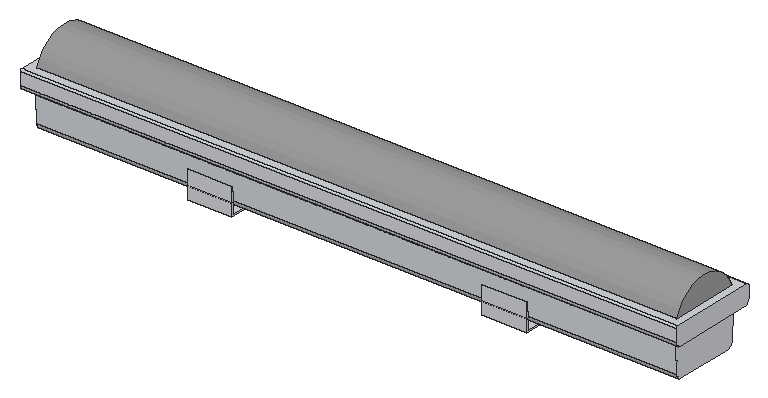
Revit family "0010202", category Lighting Fixtures, host Face, Revit 2017 (continued)
Types (60, lengths in mm): name | Weight | Wattage | TypeName | built-in parameter 1150134 | Photometric Web File | built-in parameter 1150142 | PowerFactor | PowerConsumption | NominalLength | Name | ModelReference | ModelNumber | Model | LuminousEfficacy | built-in parameter 1150105 | Lumens | LampNominalLuminous | LampMacAdamStep | LampColourTemperature | LENGHT_SYL | LENGHT_CHAMFER_SYL | LENGHT-_SYL | LENGHT-_CHAMFER_SYL | L0650_SYL | L1500_SYL | L1200_SYL | built-in parameter 1150107 | built-in parameter 1150106 | built-in parameter 1150104 | DocumentationLiterature | Description | BRACKET_WIDTH_SYL | BRACKET_DIST_SYL | Apparent Load
  0010268 RESISTO 1500 HE IP66 4000LM 840 | "1.87 kg" | 25 W | "Resisto  1500 HE IP66 4000lm 840" | 12 | "0010268.ies" | "IESNA:LM-63-2002\r\n[TEST] 0010268\r\n[TESTLAB]\r\n[MANUFAC] \r\n[LUMCAT]\r\n[LUMINAIRE] Resisto  1500 HE IP66 4000lm 8 40 /4000 \r\n[LAMP] 0010268 Resisto  1500 HE IP66 /4000\r\n[BALLAST] \r\n[ISSUEDATE]\r\n[OTHER] B-Angle = 0.00 B-Tilt = 0.00 2021-02-16\r\nTILT=NONE\r\n1 4000.00 1 37 5 1 2 0.087 1.500 0.040\r\n1.0 1.0 25.00\r\n   0.00   5.00  10.00  15.00  20.00  25.00  30.00  35.00  40.00  45.00\r\n  50.00  55.00  60.00  65.00  70.00  75.00  80.00  85.00  90.00  95.00\r\n 100.00 105.00 110.00 115.00 120.00 125.00 130.00 135.00 140.00 145.00\r\n 150.00 155.00 160.00 165.00 170.00 175.00 180.00\r\n   0.00  22.50  45.00  67.50  90.00\r\n    1286.32    1282.04    1267.08    1242.24    1204.20    1153.48    1089.96\r\n    1014.52     929.92     838.88     742.84     644.48     545.24     444.32\r\n     341.20     234.40     129.16      41.04       3.44       3.44       3.56\r\n       3.64       3.68       4.00       4.44       4.88       5.36       5.92\r\n       6.56       7.24       7.88       8.56       9.20       9.76      10.20\r\n      10.56      10.80\r\n    1286.32    1282.32    1258.96    1221.88    1180.52    1135.48    1084.04\r\n    1028.00     970.20     909.44     836.64     737.52     606.12     461.80\r\n     332.80     230.44     154.88      99.40      59.44      31.04      16.00\r\n       6.68       4.68       5.08       5.36       5.64       5.96       6.36\r\n       6.84       7.32       7.88       8.44       9.04       9.48       9.92\r\n      10.32      10.80\r\n    1286.32    1275.00    1239.36    1214.04    1191.84    1175.16    1166.84\r\n    1143.48    1092.48     985.60     822.80     647.44     502.76     392.92\r\n     309.80     246.88     196.16     151.64     115.40      87.72      60.76\r\n      37.96      22.28      12.12       7.48       7.32       7.24       7.24\r\n       7.24       7.52       7.96       8.44       8.92       9.36       9.80\r\n      10.16      10.80\r\n    1286.32    1269.16    1235.64    1223.44    1220.12    1235.36    1227.80\r\n    1181.72    1069.64     900.00     732.92     597.68     489.40     405.12\r\n     343.04     291.52     239.48     192.44     153.84     115.48      71.84\r\n      48.56      32.56      22.00      14.16       8.84       8.00       7.92\r\n       7.84       7.84       8.00       8.44       8.96       9.40       9.84\r\n      10.24      10.80\r\n    1286.32    1269.00    1235.96    1226.28    1235.68    1250.20    1239.32\r\n    1175.04    1040.44     867.00     712.80     589.00     489.24     414.92\r\n     359.04     308.00     254.04     204.76     161.72     113.20      70.92\r\n      50.04      36.08      26.60      18.72      12.48       9.84       9.60\r\n       9.48       9.36       9.40       9.68      10.16      10.56      10.84\r\n      10.96      10.80\r\n" | 0.95 | "25 W" | 1500 | "Resisto  1500 HE IP66 4000lm 840" | "Resisto  1500 HE IP66 4000lm 840" | "0010268" | "Resisto  1500 HE IP66 4000lm 840" | "160 lm/W" | 1286.3 (stored number, unit not read) | 4000 lm | "4000 lm" | "3" | "4000 K" | 742 | 750 | -742 | -750 | no | yes | no | 4000 (stored number, unit not read) | 12.863 (stored number, unit not read) | 14.864 (stored number, unit not read) | "http://www.sylvania-lighting.com/product/en-int/products/0010268" | "Resisto, integrated LED weatherproof luminaire, with UV stabilized flat diffuser designed to achieve uniform lit appearance, optimise light output and to reduce glare. 301 stainless steel diffuser clips and fixing brackets for surface mounting. Polycarbonate housing and diffuser - no yellow discolouration over time. 4000lm; 25W; 160lm/W; 4000K; SDCM<3; non dimmable; CRI80; IP66; IK08; Class I; 69,000hrs (L80B20) lifespan; 1500mm x 89mm x 88mm; D-mark." | 550 | 594 | 25 VA
  0010261 RESISTO 1500 IP66 DALI 8300LM 840 | "2.01 kg" | 61 W | "Resisto  1500 IP66 DALI 8300lm 840" | 12 | "0010261.ies" | "IESNA:LM-63-2002\r\n[TEST] 0010261\r\n[TESTLAB]\r\n[MANUFAC] \r\n[LUMCAT]\r\n[LUMINAIRE] Resisto  1500 IP66 DALI 8300lm  840 /4000 \r\n[LAMP] 0010261 Resisto  1500 IP66 DAL/4000\r\n[BALLAST] \r\n[ISSUEDATE]\r\n[OTHER] B-Angle = 0.00 B-Tilt = 0.00 2021-02-16\r\nTILT=NONE\r\n1 8300.00 1 37 5 1 2 0.087 1.500 0.040\r\n1.0 1.0 61.00\r\n   0.00   5.00  10.00  15.00  20.00  25.00  30.00  35.00  40.00  45.00\r\n  50.00  55.00  60.00  65.00  70.00  75.00  80.00  85.00  90.00  95.00\r\n 100.00 105.00 110.00 115.00 120.00 125.00 130.00 135.00 140.00 145.00\r\n 150.00 155.00 160.00 165.00 170.00 175.00 180.00\r\n   0.00  22.50  45.00  67.50  90.00\r\n    2794.11    2777.43    2737.84    2672.02    2584.70    2469.75    2325.99\r\n    2158.25    1971.91    1771.55    1562.47    1349.33    1134.94     915.49\r\n     690.23     457.99     236.05      63.83       7.39       7.72       8.05\r\n       8.30       8.47       9.21      10.04      11.12      12.20      13.45\r\n      14.86      16.27      17.76      19.26      20.50      21.66      22.66\r\n      23.41      23.74\r\n    2794.11    2766.39    2701.24    2614.58    2523.45    2425.18    2311.22\r\n    2185.47    2055.91    1917.63    1746.65    1516.74    1223.75     916.65\r\n     650.47     441.56     288.59     177.04      99.43      46.89      23.24\r\n       9.71      10.04      10.79      11.62      12.28      13.03      14.03\r\n      15.11      16.27      17.51      18.76      19.92      21.00      21.91\r\n      22.66      23.74\r\n    2794.11    2741.99    2662.31    2613.09    2558.06    2525.86    2501.79\r\n    2443.11    2306.74    2041.38    1666.39    1295.71    1000.73     780.03\r\n     613.29     486.38     381.80     291.41     220.53     164.17     110.89\r\n      67.81      38.18      19.92      15.44      15.52      15.60      15.60\r\n      16.02      16.77      17.68      18.59      19.59      20.58      21.50\r\n      22.24      23.74\r\n    2794.11    2726.96    2665.96    2636.83    2646.95    2668.12    2640.56\r\n    2510.25    2225.56    1840.69    1490.60    1214.54     994.42     826.18\r\n     700.93     591.71     482.31     386.78     307.76     220.53     135.79\r\n      92.05      61.59      40.59      25.65      17.35      17.10      17.10\r\n      17.01      17.10      17.68      18.59      19.42      20.42      21.41\r\n      22.24      23.74\r\n    2794.11    2719.08    2674.92    2652.85    2699.66    2715.59    2670.03\r\n    2485.19    2145.30    1768.73    1455.90    1204.50    1006.04     859.05\r\n     744.51     633.79     519.00     417.24     320.96     214.06     134.96\r\n      97.61      70.22      51.13      35.94      24.40      21.00      20.67\r\n      20.50      20.25      20.42      21.16      22.08      22.74      23.41\r\n      23.65      23.74\r\n" | 0.99 | "61 W" | 1500 | "Resisto  1500 IP66 DALI 8300lm 840" | "Resisto  1500 IP66 DALI 8300lm 840" | "0010261" | "Resisto  1500 IP66 DALI 8300lm 840" | "136 lm/W" | 2792.8 (stored number, unit not read) | 8296 lm | "8300 lm" | "5" | "4000 K" | 742 | 750 | -742 | -750 | no | yes | no | 4000 (stored number, unit not read) | 27.928 (stored number, unit not read) | 12.635 (stored number, unit not read) | "http://www.sylvania-lighting.com/product/en-int/products/0010261" | "Resisto, integrated LED weatherproof luminaire, with UV stabilized flat diffuser designed to achieve uniform lit appearance, optimise light output and to reduce glare. 301 stainless steel diffuser clips and fixing brackets for surface mounting. Polycarbonate housing and diffuser - no yellow discolouration over time. 8300lm; 61W; 136lm/W; 4000K; SDCM<5; DALI dimmable; CRI80; IP66; IK08; Class I; 69,000hrs (L80B20) lifespan; 1500mm x 89mm x 88mm; D-mark." | 550 | 594 | 61 VA
  0010260 RESISTO 1500 IP66 DALI 7100LM 840 | "2.01 kg" | 52 W | "Resisto  1500 IP66 DALI 7100lm 840" | 12 | "0010260.ies" | "IESNA:LM-63-2002\r\n[TEST] 0010260\r\n[TESTLAB]\r\n[MANUFAC] \r\n[LUMCAT]\r\n[LUMINAIRE] Resisto  1500 IP66 DALI 7100lm  840 /4000 \r\n[LAMP] 0010260 Resisto  1500 IP66 DAL/4000\r\n[BALLAST] \r\n[ISSUEDATE]\r\n[OTHER] B-Angle = 0.00 B-Tilt = 0.00 2021-02-16\r\nTILT=NONE\r\n1 7100.00 1 37 5 1 2 0.087 1.500 0.040\r\n1.0 1.0 52.00\r\n   0.00   5.00  10.00  15.00  20.00  25.00  30.00  35.00  40.00  45.00\r\n  50.00  55.00  60.00  65.00  70.00  75.00  80.00  85.00  90.00  95.00\r\n 100.00 105.00 110.00 115.00 120.00 125.00 130.00 135.00 140.00 145.00\r\n 150.00 155.00 160.00 165.00 170.00 175.00 180.00\r\n   0.00  22.50  45.00  67.50  90.00\r\n    2367.50    2355.99    2324.75    2272.21    2198.66    2105.22    1987.15\r\n    1846.50    1688.17    1517.63    1338.35    1156.09     971.56     783.84\r\n     591.57     393.34     202.42      52.40       6.04       6.32       6.60\r\n       6.74       7.10       7.67       8.38       9.23      10.15      11.15\r\n      12.28      13.49      14.70      15.90      16.97      17.96      18.82\r\n      19.38      19.74\r\n    2367.50    2349.25    2296.64    2224.43    2147.47    2064.82    1969.75\r\n    1864.18    1753.49    1637.54    1496.04    1306.61    1062.44     799.82\r\n     568.50     386.67     253.61     155.92      88.11      42.32      20.66\r\n       8.24       8.38       8.95       9.66      10.22      10.86      11.64\r\n      12.57      13.56      14.55      15.62      16.61      17.61      18.39\r\n      19.03      19.74\r\n    2367.50    2328.59    2259.79    2218.68    2171.11    2138.38    2120.20\r\n    2071.14    1967.62    1757.25    1446.63    1125.85     867.98     675.21\r\n     529.80     419.18     329.30     252.12     190.92     142.71      97.91\r\n      59.78      33.65      17.18      12.99      13.06      13.14      13.14\r\n      13.42      14.06      14.77      15.62      16.47      17.40      18.18\r\n      18.82      19.74\r\n    2367.50    2314.25    2259.57    2234.80    2232.45    2253.47    2231.60\r\n    2133.98    1911.53    1588.98    1283.82    1043.70     851.93     704.04\r\n     595.12     503.60     411.52     330.36     264.33     193.76     120.35\r\n      80.59      53.25      34.65      21.87      14.63      14.48      14.48\r\n      14.41      14.41      14.91      15.62      16.47      17.32      18.18\r\n      18.89      19.74\r\n    2367.50    2303.60    2263.13    2242.32    2275.55    2286.48    2253.19\r\n    2110.69    1838.62    1518.83    1247.26    1030.14     856.33     727.32\r\n     628.78     536.69     440.55     354.86     277.54     188.43     117.29\r\n      83.99      59.78      43.31      30.25      20.52      17.61      17.40\r\n      17.32      17.11      17.25      17.82      18.53      19.17      19.74\r\n      19.95      19.74\r\n" | 0.99 | "52 W" | 1500 | "Resisto  1500 IP66 DALI 7100lm 840" | "Resisto  1500 IP66 DALI 7100lm 840" | "0010260" | "Resisto  1500 IP66 DALI 7100lm 840" | "137 lm/W" | 2375.5 (stored number, unit not read) | 7124 lm | "7100 lm" | "5" | "4000 K" | 742 | 750 | -742 | -750 | no | yes | no | 4000 (stored number, unit not read) | 23.755 (stored number, unit not read) | 12.728 (stored number, unit not read) | "http://www.sylvania-lighting.com/product/en-int/products/0010260" | "Resisto, integrated LED weatherproof luminaire, with UV stabilized flat diffuser designed to achieve uniform lit appearance, optimise light output and to reduce glare. 301 stainless steel diffuser clips and fixing brackets for surface mounting. Polycarbonate housing and diffuser - no yellow discolouration over time. 7100lm; 52W; 137lm/W; 4000K; SDCM<5; DALI dimmable; CRI80; IP66; IK08; Class I; 69,000hrs (L80B20) lifespan; 1500mm x 89mm x 88mm; D-mark." | 550 | 594 | 52 VA
  0010259 RESISTO 1500 IP66 DALI 4000LM 840 | "1.95 kg" | 30 W | "Resisto  1500 IP66 DALI 4000lm 840" | 12 | "0010259.ies" | "IESNA:LM-63-2002\r\n[TEST] 0010259\r\n[TESTLAB]\r\n[MANUFAC] \r\n[LUMCAT]\r\n[LUMINAIRE] Resisto  1500 IP66 DALI 4000lm  840 /4000 \r\n[LAMP] 0010259 Resisto  1500 IP66 DAL/4000\r\n[BALLAST] \r\n[ISSUEDATE]\r\n[OTHER] B-Angle = 0.00 B-Tilt = 0.00 2021-02-16\r\nTILT=NONE\r\n1 4000.00 1 37 5 1 2 0.087 1.500 0.040\r\n1.0 1.0 30.00\r\n   0.00   5.00  10.00  15.00  20.00  25.00  30.00  35.00  40.00  45.00\r\n  50.00  55.00  60.00  65.00  70.00  75.00  80.00  85.00  90.00  95.00\r\n 100.00 105.00 110.00 115.00 120.00 125.00 130.00 135.00 140.00 145.00\r\n 150.00 155.00 160.00 165.00 170.00 175.00 180.00\r\n   0.00  22.50  45.00  67.50  90.00\r\n    1286.32    1282.04    1267.08    1242.24    1204.20    1153.48    1089.96\r\n    1014.52     929.92     838.88     742.84     644.48     545.24     444.32\r\n     341.20     234.40     129.16      41.04       3.44       3.44       3.56\r\n       3.64       3.68       4.00       4.44       4.88       5.36       5.92\r\n       6.56       7.24       7.88       8.56       9.20       9.76      10.20\r\n      10.56      10.80\r\n    1286.32    1282.32    1258.96    1221.88    1180.52    1135.48    1084.04\r\n    1028.00     970.20     909.44     836.64     737.52     606.12     461.80\r\n     332.80     230.44     154.88      99.40      59.44      31.04      16.00\r\n       6.68       4.68       5.08       5.36       5.64       5.96       6.36\r\n       6.84       7.32       7.88       8.44       9.04       9.48       9.92\r\n      10.32      10.80\r\n    1286.32    1275.00    1239.36    1214.04    1191.84    1175.16    1166.84\r\n    1143.48    1092.48     985.60     822.80     647.44     502.76     392.92\r\n     309.80     246.88     196.16     151.64     115.40      87.72      60.76\r\n      37.96      22.28      12.12       7.48       7.32       7.24       7.24\r\n       7.24       7.52       7.96       8.44       8.92       9.36       9.80\r\n      10.16      10.80\r\n    1286.32    1269.16    1235.64    1223.44    1220.12    1235.36    1227.80\r\n    1181.72    1069.64     900.00     732.92     597.68     489.40     405.12\r\n     343.04     291.52     239.48     192.44     153.84     115.48      71.84\r\n      48.56      32.56      22.00      14.16       8.84       8.00       7.92\r\n       7.84       7.84       8.00       8.44       8.96       9.40       9.84\r\n      10.24      10.80\r\n    1286.32    1269.00    1235.96    1226.28    1235.68    1250.20    1239.32\r\n    1175.04    1040.44     867.00     712.80     589.00     489.24     414.92\r\n     359.04     308.00     254.04     204.76     161.72     113.20      70.92\r\n      50.04      36.08      26.60      18.72      12.48       9.84       9.60\r\n       9.48       9.36       9.40       9.68      10.16      10.56      10.84\r\n      10.96      10.80\r\n" | 0.98 | "30 W" | 1500 | "Resisto  1500 IP66 DALI 4000lm 840" | "Resisto  1500 IP66 DALI 4000lm 840" | "0010259" | "Resisto  1500 IP66 DALI 4000lm 840" | "133 lm/W" | 1283.1 (stored number, unit not read) | 3990 lm | "4000 lm" | "5" | "4000 K" | 742 | 750 | -742 | -750 | no | yes | no | 4000 (stored number, unit not read) | 12.831 (stored number, unit not read) | 12.356 (stored number, unit not read) | "http://www.sylvania-lighting.com/product/en-int/products/0010259" | "Resisto, integrated LED weatherproof luminaire, with UV stabilized flat diffuser designed to achieve uniform lit appearance, optimise light output and to reduce glare. 301 stainless steel diffuser clips and fixing brackets for surface mounting. Polycarbonate housing and diffuser - no yellow discolouration over time. 4000lm; 30W; 133lm/W; 4000K; SDCM<5; DALI dimmable; CRI80; IP66; IK08; Class I; 69,000hrs (L80B20) lifespan; 1500mm x 89mm x 88mm; D-mark." | 550 | 594 | 30 VA
  0010258 RESISTO 1500 IP66 MWCOR 7100LM 840 | "2.06 kg" | 52 W | "Resisto  1500 IP66 MWcor 7100lm 840" | 12 | "0010258.ies" | "IESNA:LM-63-2002\r\n[TEST] 0010258\r\n[TESTLAB]\r\n[MANUFAC] \r\n[LUMCAT]\r\n[LUMINAIRE] Resisto  1500 IP66 MWcor 7100l m 840 /4000 \r\n[LAMP] 0010258 Resisto  1500 IP66 MWc/4000\r\n[BALLAST] \r\n[ISSUEDATE]\r\n[OTHER] B-Angle = 0.00 B-Tilt = 0.00 2021-02-16\r\nTILT=NONE\r\n1 7100.00 1 37 5 1 2 0.087 1.500 0.040\r\n1.0 1.0 52.00\r\n   0.00   5.00  10.00  15.00  20.00  25.00  30.00  35.00  40.00  45.00\r\n  50.00  55.00  60.00  65.00  70.00  75.00  80.00  85.00  90.00  95.00\r\n 100.00 105.00 110.00 115.00 120.00 125.00 130.00 135.00 140.00 145.00\r\n 150.00 155.00 160.00 165.00 170.00 175.00 180.00\r\n   0.00  22.50  45.00  67.50  90.00\r\n    2367.50    2355.99    2324.75    2272.21    2198.66    2105.22    1987.15\r\n    1846.50    1688.17    1517.63    1338.35    1156.09     971.56     783.84\r\n     591.57     393.34     202.42      52.40       6.04       6.32       6.60\r\n       6.74       7.10       7.67       8.38       9.23      10.15      11.15\r\n      12.28      13.49      14.70      15.90      16.97      17.96      18.82\r\n      19.38      19.74\r\n    2367.50    2349.25    2296.64    2224.43    2147.47    2064.82    1969.75\r\n    1864.18    1753.49    1637.54    1496.04    1306.61    1062.44     799.82\r\n     568.50     386.67     253.61     155.92      88.11      42.32      20.66\r\n       8.24       8.38       8.95       9.66      10.22      10.86      11.64\r\n      12.57      13.56      14.55      15.62      16.61      17.61      18.39\r\n      19.03      19.74\r\n    2367.50    2328.59    2259.79    2218.68    2171.11    2138.38    2120.20\r\n    2071.14    1967.62    1757.25    1446.63    1125.85     867.98     675.21\r\n     529.80     419.18     329.30     252.12     190.92     142.71      97.91\r\n      59.78      33.65      17.18      12.99      13.06      13.14      13.14\r\n      13.42      14.06      14.77      15.62      16.47      17.40      18.18\r\n      18.82      19.74\r\n    2367.50    2314.25    2259.57    2234.80    2232.45    2253.47    2231.60\r\n    2133.98    1911.53    1588.98    1283.82    1043.70     851.93     704.04\r\n     595.12     503.60     411.52     330.36     264.33     193.76     120.35\r\n      80.59      53.25      34.65      21.87      14.63      14.48      14.48\r\n      14.41      14.41      14.91      15.62      16.47      17.32      18.18\r\n      18.89      19.74\r\n    2367.50    2303.60    2263.13    2242.32    2275.55    2286.48    2253.19\r\n    2110.69    1838.62    1518.83    1247.26    1030.14     856.33     727.32\r\n     628.78     536.69     440.55     354.86     277.54     188.43     117.29\r\n      83.99      59.78      43.31      30.25      20.52      17.61      17.40\r\n      17.32      17.11      17.25      17.82      18.53      19.17      19.74\r\n      19.95      19.74\r\n" | 0.99 | "52 W" | 1500 | "Resisto  1500 IP66 MWcor 7100lm 840" | "Resisto  1500 IP66 MWcor 7100lm 840" | "0010258" | "Resisto  1500 IP66 MWcor 7100lm 840" | "137 lm/W" | 2375.5 (stored number, unit not read) | 7124 lm | "7100 lm" | "5" | "4000 K" | 742 | 750 | -742 | -750 | no | yes | no | 4000 (stored number, unit not read) | 23.755 (stored number, unit not read) | 12.728 (stored number, unit not read) | "http://www.sylvania-lighting.com/product/en-int/products/0010258" | "Resisto, integrated LED weatherproof luminaire, with UV stabilized flat diffuser designed to achieve uniform lit appearance, optimise light output and to reduce glare. 301 stainless steel diffuser clips and fixing brackets for surface mounting. Polycarbonate housing and diffuser - no yellow discolouration over time. 7100lm; 52W; 137lm/W; 4000K; SDCM<5; non dimmable; CRI80; IP66; IK08; Class I; 69,000hrs (L80B20) lifespan; 1500mm x 89mm x 88mm; D-mark; corridor function with microwave presence sensor." | 550 | 594 | 52 VA
  0010257 RESISTO 1500 IP66 MWCOR 4000LM 840 | "2.0 kg" | 30 W | "Resisto  1500 IP66 MWcor 4000lm 840" | 12 | "0010257.ies" | "IESNA:LM-63-2002\r\n[TEST] 0010257\r\n[TESTLAB]\r\n[MANUFAC] \r\n[LUMCAT]\r\n[LUMINAIRE] Resisto  1500 IP66 MWcor 4000l m 840 /4000 \r\n[LAMP] 0010257 Resisto  1500 IP66 MWc/4000\r\n[BALLAST] \r\n[ISSUEDATE]\r\n[OTHER] B-Angle = 0.00 B-Tilt = 0.00 2021-02-16\r\nTILT=NONE\r\n1 4000.00 1 37 5 1 2 0.087 1.500 0.040\r\n1.0 1.0 30.00\r\n   0.00   5.00  10.00  15.00  20.00  25.00  30.00  35.00  40.00  45.00\r\n  50.00  55.00  60.00  65.00  70.00  75.00  80.00  85.00  90.00  95.00\r\n 100.00 105.00 110.00 115.00 120.00 125.00 130.00 135.00 140.00 145.00\r\n 150.00 155.00 160.00 165.00 170.00 175.00 180.00\r\n   0.00  22.50  45.00  67.50  90.00\r\n    1286.32    1282.04    1267.08    1242.24    1204.20    1153.48    1089.96\r\n    1014.52     929.92     838.88     742.84     644.48     545.24     444.32\r\n     341.20     234.40     129.16      41.04       3.44       3.44       3.56\r\n       3.64       3.68       4.00       4.44       4.88       5.36       5.92\r\n       6.56       7.24       7.88       8.56       9.20       9.76      10.20\r\n      10.56      10.80\r\n    1286.32    1282.32    1258.96    1221.88    1180.52    1135.48    1084.04\r\n    1028.00     970.20     909.44     836.64     737.52     606.12     461.80\r\n     332.80     230.44     154.88      99.40      59.44      31.04      16.00\r\n       6.68       4.68       5.08       5.36       5.64       5.96       6.36\r\n       6.84       7.32       7.88       8.44       9.04       9.48       9.92\r\n      10.32      10.80\r\n    1286.32    1275.00    1239.36    1214.04    1191.84    1175.16    1166.84\r\n    1143.48    1092.48     985.60     822.80     647.44     502.76     392.92\r\n     309.80     246.88     196.16     151.64     115.40      87.72      60.76\r\n      37.96      22.28      12.12       7.48       7.32       7.24       7.24\r\n       7.24       7.52       7.96       8.44       8.92       9.36       9.80\r\n      10.16      10.80\r\n    1286.32    1269.16    1235.64    1223.44    1220.12    1235.36    1227.80\r\n    1181.72    1069.64     900.00     732.92     597.68     489.40     405.12\r\n     343.04     291.52     239.48     192.44     153.84     115.48      71.84\r\n      48.56      32.56      22.00      14.16       8.84       8.00       7.92\r\n       7.84       7.84       8.00       8.44       8.96       9.40       9.84\r\n      10.24      10.80\r\n    1286.32    1269.00    1235.96    1226.28    1235.68    1250.20    1239.32\r\n    1175.04    1040.44     867.00     712.80     589.00     489.24     414.92\r\n     359.04     308.00     254.04     204.76     161.72     113.20      70.92\r\n      50.04      36.08      26.60      18.72      12.48       9.84       9.60\r\n       9.48       9.36       9.40       9.68      10.16      10.56      10.84\r\n      10.96      10.80\r\n" | 0.98 | "30 W" | 1500 | "Resisto  1500 IP66 MWcor 4000lm 840" | "Resisto  1500 IP66 MWcor 4000lm 840" | "0010257" | "Resisto  1500 IP66 MWcor 4000lm 840" | "133 lm/W" | 1283.1 (stored number, unit not read) | 3990 lm | "4000 lm" | "5" | "4000 K" | 742 | 750 | -742 | -750 | no | yes | no | 4000 (stored number, unit not read) | 12.831 (stored number, unit not read) | 12.356 (stored number, unit not read) | "http://www.sylvania-lighting.com/product/en-int/products/0010257" | "Resisto, integrated LED weatherproof luminaire, with UV stabilized flat diffuser designed to achieve uniform lit appearance, optimise light output and to reduce glare. 301 stainless steel diffuser clips and fixing brackets for surface mounting. Polycarbonate housing and diffuser - no yellow discolouration over time. 4000lm; 30W; 133lm/W; 4000K; SDCM<5; non dimmable; CRI80; IP66; IK08; Class I; 69,000hrs (L80B20) lifespan; 1500mm x 89mm x 88mm; D-mark; corridor function with microwave presence sensor." | 550 | 594 | 30 VA
  0010256 RESISTO 1500 IP66 MW 7100LM 840 | "2.0 kg" | 52 W | "Resisto  1500 IP66 MW 7100lm 840" | 12 | "0010256.ies" | "IESNA:LM-63-2002\r\n[TEST] 0010256\r\n[TESTLAB]\r\n[MANUFAC] \r\n[LUMCAT]\r\n[LUMINAIRE] Resisto  1500 IP66 MW 7100lm 8 40 /4000 \r\n[LAMP] 0010256 Resisto  1500 IP66 MW /4000\r\n[BALLAST] \r\n[ISSUEDATE]\r\n[OTHER] B-Angle = 0.00 B-Tilt = 0.00 2021-02-16\r\nTILT=NONE\r\n1 7100.00 1 37 5 1 2 0.087 1.500 0.040\r\n1.0 1.0 52.00\r\n   0.00   5.00  10.00  15.00  20.00  25.00  30.00  35.00  40.00  45.00\r\n  50.00  55.00  60.00  65.00  70.00  75.00  80.00  85.00  90.00  95.00\r\n 100.00 105.00 110.00 115.00 120.00 125.00 130.00 135.00 140.00 145.00\r\n 150.00 155.00 160.00 165.00 170.00 175.00 180.00\r\n   0.00  22.50  45.00  67.50  90.00\r\n    2367.50    2355.99    2324.75    2272.21    2198.66    2105.22    1987.15\r\n    1846.50    1688.17    1517.63    1338.35    1156.09     971.56     783.84\r\n     591.57     393.34     202.42      52.40       6.04       6.32       6.60\r\n       6.74       7.10       7.67       8.38       9.23      10.15      11.15\r\n      12.28      13.49      14.70      15.90      16.97      17.96      18.82\r\n      19.38      19.74\r\n    2367.50    2349.25    2296.64    2224.43    2147.47    2064.82    1969.75\r\n    1864.18    1753.49    1637.54    1496.04    1306.61    1062.44     799.82\r\n     568.50     386.67     253.61     155.92      88.11      42.32      20.66\r\n       8.24       8.38       8.95       9.66      10.22      10.86      11.64\r\n      12.57      13.56      14.55      15.62      16.61      17.61      18.39\r\n      19.03      19.74\r\n    2367.50    2328.59    2259.79    2218.68    2171.11    2138.38    2120.20\r\n    2071.14    1967.62    1757.25    1446.63    1125.85     867.98     675.21\r\n     529.80     419.18     329.30     252.12     190.92     142.71      97.91\r\n      59.78      33.65      17.18      12.99      13.06      13.14      13.14\r\n      13.42      14.06      14.77      15.62      16.47      17.40      18.18\r\n      18.82      19.74\r\n    2367.50    2314.25    2259.57    2234.80    2232.45    2253.47    2231.60\r\n    2133.98    1911.53    1588.98    1283.82    1043.70     851.93     704.04\r\n     595.12     503.60     411.52     330.36     264.33     193.76     120.35\r\n      80.59      53.25      34.65      21.87      14.63      14.48      14.48\r\n      14.41      14.41      14.91      15.62      16.47      17.32      18.18\r\n      18.89      19.74\r\n    2367.50    2303.60    2263.13    2242.32    2275.55    2286.48    2253.19\r\n    2110.69    1838.62    1518.83    1247.26    1030.14     856.33     727.32\r\n     628.78     536.69     440.55     354.86     277.54     188.43     117.29\r\n      83.99      59.78      43.31      30.25      20.52      17.61      17.40\r\n      17.32      17.11      17.25      17.82      18.53      19.17      19.74\r\n      19.95      19.74\r\n" | 0.95 | "52 W" | 1500 | "Resisto  1500 IP66 MW 7100lm 840" | "Resisto  1500 IP66 MW 7100lm 840" | "0010256" | "Resisto  1500 IP66 MW 7100lm 840" | "137 lm/W" | 2375.5 (stored number, unit not read) | 7124 lm | "7100 lm" | "5" | "4000 K" | 742 | 750 | -742 | -750 | no | yes | no | 4000 (stored number, unit not read) | 23.755 (stored number, unit not read) | 12.728 (stored number, unit not read) | "http://www.sylvania-lighting.com/product/en-int/products/0010256" | "Resisto, integrated LED weatherproof luminaire, with UV stabilized flat diffuser designed to achieve uniform lit appearance, optimise light output and to reduce glare. 301 stainless steel diffuser clips and fixing brackets for surface mounting. Polycarbonate housing and diffuser - no yellow discolouration over time. 7100lm; 52W; 137lm/W; 4000K; SDCM<5; non dimmable; CRI80; IP66; IK08; Class I; 69,000hrs (L80B20) lifespan; 1500mm x 89mm x 88mm; D-mark; MW On/Off." | 550 | 594 | 52 VA
  0010255 RESISTO 1500 IP66 MW 4000LM 840 | "1.92 kg" | 30 W | "Resisto  1500 IP66 MW 4000lm 840" | 12 | "0010255.ies" | "IESNA:LM-63-2002\r\n[TEST] 0010255\r\n[TESTLAB]\r\n[MANUFAC] \r\n[LUMCAT]\r\n[LUMINAIRE] Resisto  1500 IP66 MW 4000lm 8 40 /4000 \r\n[LAMP] 0010255 Resisto  1500 IP66 MW /4000\r\n[BALLAST] \r\n[ISSUEDATE]\r\n[OTHER] B-Angle = 0.00 B-Tilt = 0.00 2021-02-16\r\nTILT=NONE\r\n1 4000.00 1 37 5 1 2 0.087 1.500 0.040\r\n1.0 1.0 30.00\r\n   0.00   5.00  10.00  15.00  20.00  25.00  30.00  35.00  40.00  45.00\r\n  50.00  55.00  60.00  65.00  70.00  75.00  80.00  85.00  90.00  95.00\r\n 100.00 105.00 110.00 115.00 120.00 125.00 130.00 135.00 140.00 145.00\r\n 150.00 155.00 160.00 165.00 170.00 175.00 180.00\r\n   0.00  22.50  45.00  67.50  90.00\r\n    1286.32    1282.04    1267.08    1242.24    1204.20    1153.48    1089.96\r\n    1014.52     929.92     838.88     742.84     644.48     545.24     444.32\r\n     341.20     234.40     129.16      41.04       3.44       3.44       3.56\r\n       3.64       3.68       4.00       4.44       4.88       5.36       5.92\r\n       6.56       7.24       7.88       8.56       9.20       9.76      10.20\r\n      10.56      10.80\r\n    1286.32    1282.32    1258.96    1221.88    1180.52    1135.48    1084.04\r\n    1028.00     970.20     909.44     836.64     737.52     606.12     461.80\r\n     332.80     230.44     154.88      99.40      59.44      31.04      16.00\r\n       6.68       4.68       5.08       5.36       5.64       5.96       6.36\r\n       6.84       7.32       7.88       8.44       9.04       9.48       9.92\r\n      10.32      10.80\r\n    1286.32    1275.00    1239.36    1214.04    1191.84    1175.16    1166.84\r\n    1143.48    1092.48     985.60     822.80     647.44     502.76     392.92\r\n     309.80     246.88     196.16     151.64     115.40      87.72      60.76\r\n      37.96      22.28      12.12       7.48       7.32       7.24       7.24\r\n       7.24       7.52       7.96       8.44       8.92       9.36       9.80\r\n      10.16      10.80\r\n    1286.32    1269.16    1235.64    1223.44    1220.12    1235.36    1227.80\r\n    1181.72    1069.64     900.00     732.92     597.68     489.40     405.12\r\n     343.04     291.52     239.48     192.44     153.84     115.48      71.84\r\n      48.56      32.56      22.00      14.16       8.84       8.00       7.92\r\n       7.84       7.84       8.00       8.44       8.96       9.40       9.84\r\n      10.24      10.80\r\n    1286.32    1269.00    1235.96    1226.28    1235.68    1250.20    1239.32\r\n    1175.04    1040.44     867.00     712.80     589.00     489.24     414.92\r\n     359.04     308.00     254.04     204.76     161.72     113.20      70.92\r\n      50.04      36.08      26.60      18.72      12.48       9.84       9.60\r\n       9.48       9.36       9.40       9.68      10.16      10.56      10.84\r\n      10.96      10.80\r\n" | 0.95 | "30 W" | 1500 | "Resisto  1500 IP66 MW 4000lm 840" | "Resisto  1500 IP66 MW 4000lm 840" | "0010255" | "Resisto  1500 IP66 MW 4000lm 840" | "133 lm/W" | 1283.1 (stored number, unit not read) | 3990 lm | "4000 lm" | "5" | "4000 K" | 742 | 750 | -742 | -750 | no | yes | no | 4000 (stored number, unit not read) | 12.831 (stored number, unit not read) | 12.356 (stored number, unit not read) | "http://www.sylvania-lighting.com/product/en-int/products/0010255" | "Resisto, integrated LED weatherproof luminaire, with UV stabilized flat diffuser designed to achieve uniform lit appearance, optimise light output and to reduce glare. 301 stainless steel diffuser clips and fixing brackets for surface mounting. Polycarbonate housing and diffuser - no yellow discolouration over time. 4000lm; 30W; 133lm/W; 4000K; SDCM<5; non dimmable; CRI80; IP66; IK08; Class I; 69,000hrs (L80B20) lifespan; 1500mm x 89mm x 88mm; D-mark; MW On/Off." | 550 | 594 | 30 VA
  0010254 RESISTO 1500 IP66 7100LM 840 EM | "2.59 kg" | 56 W | "Resisto  1500 IP66 7100lm 840 EM" | 12 | "0010254.ies" | "IESNA:LM-63-2002\r\n[TEST] 0010254\r\n[TESTLAB]\r\n[MANUFAC] \r\n[LUMCAT]\r\n[LUMINAIRE] Resisto  1500 IP66 7100lm 840  EM /4000 \r\n[LAMP] 0010254 Resisto  1500 IP66 710/4000\r\n[BALLAST] \r\n[ISSUEDATE]\r\n[OTHER] B-Angle = 0.00 B-Tilt = 0.00 2021-02-16\r\nTILT=NONE\r\n1 7100.00 1 37 5 1 2 0.087 1.500 0.040\r\n1.0 1.0 56.00\r\n   0.00   5.00  10.00  15.00  20.00  25.00  30.00  35.00  40.00  45.00\r\n  50.00  55.00  60.00  65.00  70.00  75.00  80.00  85.00  90.00  95.00\r\n 100.00 105.00 110.00 115.00 120.00 125.00 130.00 135.00 140.00 145.00\r\n 150.00 155.00 160.00 165.00 170.00 175.00 180.00\r\n   0.00  22.50  45.00  67.50  90.00\r\n    2367.50    2355.99    2324.75    2272.21    2198.66    2105.22    1987.15\r\n    1846.50    1688.17    1517.63    1338.35    1156.09     971.56     783.84\r\n     591.57     393.34     202.42      52.40       6.04       6.32       6.60\r\n       6.74       7.10       7.67       8.38       9.23      10.15      11.15\r\n      12.28      13.49      14.70      15.90      16.97      17.96      18.82\r\n      19.38      19.74\r\n    2367.50    2349.25    2296.64    2224.43    2147.47    2064.82    1969.75\r\n    1864.18    1753.49    1637.54    1496.04    1306.61    1062.44     799.82\r\n     568.50     386.67     253.61     155.92      88.11      42.32      20.66\r\n       8.24       8.38       8.95       9.66      10.22      10.86      11.64\r\n      12.57      13.56      14.55      15.62      16.61      17.61      18.39\r\n      19.03      19.74\r\n    2367.50    2328.59    2259.79    2218.68    2171.11    2138.38    2120.20\r\n    2071.14    1967.62    1757.25    1446.63    1125.85     867.98     675.21\r\n     529.80     419.18     329.30     252.12     190.92     142.71      97.91\r\n      59.78      33.65      17.18      12.99      13.06      13.14      13.14\r\n      13.42      14.06      14.77      15.62      16.47      17.40      18.18\r\n      18.82      19.74\r\n    2367.50    2314.25    2259.57    2234.80    2232.45    2253.47    2231.60\r\n    2133.98    1911.53    1588.98    1283.82    1043.70     851.93     704.04\r\n     595.12     503.60     411.52     330.36     264.33     193.76     120.35\r\n      80.59      53.25      34.65      21.87      14.63      14.48      14.48\r\n      14.41      14.41      14.91      15.62      16.47      17.32      18.18\r\n      18.89      19.74\r\n    2367.50    2303.60    2263.13    2242.32    2275.55    2286.48    2253.19\r\n    2110.69    1838.62    1518.83    1247.26    1030.14     856.33     727.32\r\n     628.78     536.69     440.55     354.86     277.54     188.43     117.29\r\n      83.99      59.78      43.31      30.25      20.52      17.61      17.40\r\n      17.32      17.11      17.25      17.82      18.53      19.17      19.74\r\n      19.95      19.74\r\n" | 0.95 | "56 W" | 1500 | "Resisto  1500 IP66 7100lm 840 EM" | "Resisto  1500 IP66 7100lm 840 EM" | "0010254" | "Resisto  1500 IP66 7100lm 840 EM" | "127 lm/W" | 2371.5 (stored number, unit not read) | 7112 lm | "7100 lm" | "5" | "4000 K" | 742 | 750 | -742 | -750 | no | yes | no | 4000 (stored number, unit not read) | 23.715 (stored number, unit not read) | 11.799 (stored number, unit not read) | "http://www.sylvania-lighting.com/product/en-int/products/0010254" | "Resisto, integrated LED weatherproof luminaire, with UV stabilized flat diffuser designed to achieve uniform lit appearance, optimise light output and to reduce glare. 301 stainless steel diffuser clips and fixing brackets for surface mounting. Polycarbonate housing and diffuser - no yellow discolouration over time. 7100lm; 56W; 127lm/W; 4000K; SDCM<5; non dimmable; CRI80; IP66; IK08; Class I; 69,000hrs (L80B20) lifespan; 1500mm x 89mm x 88mm; D-mark; 3-hour maintained emergency batteries." | 550 | 594 | 56 VA
